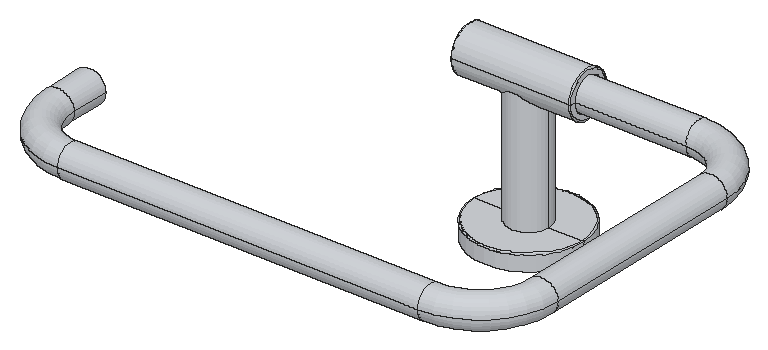
Revit family "Accessory-Towel_Ring-KOHLER-Stillness-K-14456", category Generic Models, host Face, Revit 2015
Parameters (values of type "CP-Polished Chrome")
  Width = 8 55/64"  # constant formula
  URL = "https://www.us.kohler.com/us/"
  Type = 1
  Product Page URL = "http://www.us.kohler.com/us/catalog/productDetails.jsp?productNumber=14456"
  Product Name = "Stillness"  # constant formula
  Product Documentation Link = "https://www.us.kohler.com/onlinecatalog/pdf/K-14456_spec.pdf"
  Model = if(Type = 1, "K-14456-CP", if(Type = 2, "K-14456-BN", "NA"))  # "K-14456-CP"
  Material = "Brass Construction"  # constant formula
  MasterFormat 2004 = "10.28.13"  # constant formula
  MasterFormat 1995 = "10820"  # constant formula
  Manufacturer Address = "444 Highland Dr, Kohler, WI 53044"  # constant formula
  Manufacturer = "KOHLER Co."  # constant formula
  Length = 3"  # constant formula
  Height = 5 63/64"  # constant formula
  Finish = Kohler-Metal-CP-Polished_Chrome
  Environmental Product Declaration = ""
  Description = "Stillness Towel ring"  # constant formula
  Default Elevation = 42"
  Declare Label = ""
  Date Modified = "12/04/2017"  # constant formula
  Date Created = "12/04/2017"  # constant formula
  Copyright = "Copyright KOHLER Co."  # constant formula
  Contact Us = "https://www.us.kohler.com/us/static/contact.jsp"
  Assembly Code = "C1030200"
  ADA = no
Types (3): name | Type | Model | Finish
  (no name) | 1 | "K-14456-CP" | Kohler-Metal-CP-Polished_Chrome
  CP-Polished Chrome | 1 | "K-14456-CP" | Kohler-Metal-CP-Polished_Chrome
  BN-Vibrant Brushed Nickel | 2 | "K-14456-BN" | Kohler-Metal-BN-Vibrant_Brushed_Nickel
Reference planes (in)
  plane 1 "Center (Front/Back)": y = 0
  plane 2: z = 0
  plane 3 "Center (Left/Right)": x = 0
  plane 4: x = -4.61719
  plane 5: x = 4.24219
  plane 6: y = 0.875
  plane 7: y = -5.98438
  plane 8: z = 3
Dimensions and locks (in)
  "Width": plane 4 to plane 5
  "Height": plane 7 to plane 1 "Center (Front/Back)"
  "Length": plane 8 to level
  aligned and locked: plane 2 to host face
  aligned and locked: level to host face
Automatic sketch dimensions
  host sketch curve to host sketch curve = 96"  (x2)
Nested families (in)
  nested 1: "K-14456" at (0, 0, 0), type "K-14456"
Definition of nested family "K-14456"
  Parameters (values of type "K-14456")
    Material = none
  Reference planes (in)
    plane 1 "Center (Front/Back)": y = 0
    plane 2: z = 0
    plane 3 "Center (Left/Right)": x = 0
    plane 4 "A": z = 2.55766
  Forms (in)
    Revolve 1, solid, material <- "Material"
      sketch origin (0, 0, 0) x (1, 0, 0) y (0, 0, 1)
        loop
          line (-0.9441, 0) -> (0.00078, 0) -> (0.00078, 2.55766) -> (-0.35355, 2.55766) -> (-0.35355, 0.27559) -> (-0.92344, 0.27559)
          arc (-0.92344, 0.27559) -> (-0.93805, 0.26954) -> (-0.9441, 0.25493) r 0.02066
          line (-0.9441, 0.25493) -> (-0.9441, 0)
        axis (0.00078, 2.55766) -> (0.00078, 0)
      angle from 0 to 360
    Revolve 2, solid, material <- "Material"
      sketch origin (0, 0, 2.55766) x (0, -1, 0) y (1, 0, 0)
        loop
          line (0, -1.02284) -> (0, 0.86692) -> (-0.29528, 0.86692) -> (-0.29528, 1.0244) -> (-0.37413, 1.0244)
          arc (-0.37413, 1.0244) -> (-0.38797, 1.01867) -> (-0.3937, 1.00483) r 0.01957
          line (-0.3937, 1.00483) -> (-0.3937, -1.00327)
          arc (-0.3937, -1.00327) -> (-0.38797, -1.01711) -> (-0.37413, -1.02284) r 0.01957
          line (-0.37413, -1.02284) -> (0, -1.02284)
        axis (0, 1.0244) -> (0, -1.02284)
      angle from 0 to 360
    Sweep 3, solid, material <- "Material"
      path origin (0, 0, 2.55766) x (0, -1, 0) y (1, 0, 0)
        loop
          line (0, 0.43385) -> (0, 2.91525)
          arc (0, 2.91525) -> (0.31103, 3.66613) -> (1.06191, 3.97716) r 1.06191
          line (1.06191, 3.97716) -> (4.68553, 3.97716)
          arc (4.68553, 3.97716) -> (5.43683, 3.66596) -> (5.74803, 2.91466) r 1.0625
          line (5.74803, 2.91466) -> (5.74803, -3.26743)
          arc (5.74803, -3.26743) -> (5.43683, -4.01873) -> (4.68553, -4.32993) r 1.0625
          line (4.68553, -4.32993) -> (4.00591, -4.32993)
      profile origin (1.67455, 0, 2.55766) x (0, 1, 0) y (0, 0, 1)
        loop
          circle (0, 0) r 0.27559
  Cuts and joins
    joined: Revolve 1, Revolve 2, Sweep 3
  Lines and regions (in)
    Masking region 1
      outline origin (0, 0, 2.55766) x (0, -1, 0) y (1, 0, 0)
        loop
          line (-0.3937, -0.85817) -> (-0.3937, -1.02284) -> (0.3937, -1.02284) -> (0.3937, -0.85817)
          arc (0.3937, -0.85817) -> (0.94488, 0.00078) -> (0.3937, 0.85974) r 0.94488
          line (0.3937, 0.85974) -> (0.3937, 1.0244) -> (0.27559, 1.0244) -> (0.27559, 2.91611)
          arc (0.27559, 2.91611) -> (0.50556, 3.4713) -> (1.06075, 3.70126) r 0.78516
          line (1.06075, 3.70126) -> (4.6868, 3.70126)
          arc (4.6868, 3.70126) -> (5.24198, 3.4713) -> (5.47195, 2.91611) r 0.78516
          line (5.47195, 2.91611) -> (5.47195, -3.26918)
          arc (5.47195, -3.26918) -> (5.24198, -3.82437) -> (4.6868, -4.05434) r 0.78516
          line (4.6868, -4.05434) -> (4.00591, -4.05434) -> (4.00591, -4.60552) -> (4.68342, -4.60552)
          arc (4.68342, -4.60552) -> (5.63084, -4.21309) -> (6.02327, -3.26567) r 1.33984
          line (6.02327, -3.26567) -> (6.02327, 2.91266)
          arc (6.02327, 2.91266) -> (5.63084, 3.86007) -> (4.68342, 4.2525) r 1.33984
          line (4.68342, 4.2525) -> (1.06425, 4.2525)
          arc (1.06425, 4.2525) -> (0.11684, 3.86007) -> (-0.27559, 2.91266) r 1.33984
          line (-0.27559, 2.91266) -> (-0.27559, 1.0244) -> (-0.3937, 1.0244) -> (-0.3937, 0.85974)
          arc (-0.3937, 0.85974) -> (-0.94488, 0.00078) -> (-0.3937, -0.85817) r 0.94488
    Masking region 2
      outline origin (0, 0, 0) x (1, 0, 0) y (0, 0, 1)
        loop
          line (-1.02284, 2.95136) -> (-1.02284, 2.83325) -> (-4.33088, 2.83325)
          arc (-4.33088, 2.83325) -> (-4.60646, 2.55766) -> (-4.33088, 2.28208) r 0.27559
          line (-4.33088, 2.28208) -> (-1.02284, 2.28208) -> (-1.02284, 2.16396) -> (-0.35355, 2.16396) -> (-0.35355, 0.27559) -> (-0.9441, 0.27559) -> (-0.9441, 0) -> (0.94566, 0) -> (0.94566, 0.27559) -> (0.35511, 0.27559) -> (0.35511, 2.16396) -> (1.0244, 2.16396) -> (1.0244, 2.28208) -> (3.97811, 2.28208)
          arc (3.97811, 2.28208) -> (4.2537, 2.55766) -> (3.97811, 2.83325) r 0.27559
          line (3.97811, 2.83325) -> (1.0244, 2.83325) -> (1.0244, 2.95136) -> (-1.02284, 2.95136)
    Masking region 3
      outline origin (0, 0, 0) x (0, 1, 0) y (0, 0, 1)
        loop
          line (0.94403, 0) -> (0.94403, 0.27559) -> (0.35348, 0.27559) -> (0.35348, 2.38431)
          arc (0.35348, 2.38431) -> (0.22737, 2.87907) -> (-0.28116, 2.83325) r 0.3937
          line (-0.28116, 2.83325) -> (-5.74869, 2.83325)
          arc (-5.74869, 2.83325) -> (-6.02428, 2.55766) -> (-5.74869, 2.28208) r 0.27559
          line (-5.74869, 2.28208) -> (-0.35518, 2.28208) -> (-0.35518, 0.27559) -> (-0.94573, 0.27559) -> (-0.94573, 0) -> (0.94403, 0)
    symbolic lines, detail levels medium+fine
      curve 1: line (-0.85817, 0.3937, 2.55766) -> (0.85974, 0.3937, 2.55766)
      curve 2: line (-0.85817, -0.3937, 2.55766) -> (0.85974, -0.3937, 2.55766)
      curve 3: line (1.0244, 0.27559, 2.55766) -> (1.0244, -0.27559, 2.55766)
      curve 4: line (-1.02284, 0, 2.83325) -> (1.0244, 0, 2.83325)
      curve 5: line (1.0244, 0, 2.28208) -> (-1.02284, 0, 2.28208)
      curve 6: line (-0.35355, 0, 0.27559) -> (0.35511, 0, 0.27559)
      curve 7: arc (0, 0.35348, 2.38431) -> (0, -0.22737, 2.23625) -> (0, -0.28116, 2.83325) r 0.3937
      curve 8: line (0, 0.35348, 0.27559) -> (0, -0.35518, 0.27559)
      curve 9: line (0, -0.35518, 2.28208) -> (0, -0.35518, 2.38782)
  Dimensions and locks (in)
    locked: plane 4 "A" to plane 2 at 2.55766
    aligned and locked: plane 2 to level
